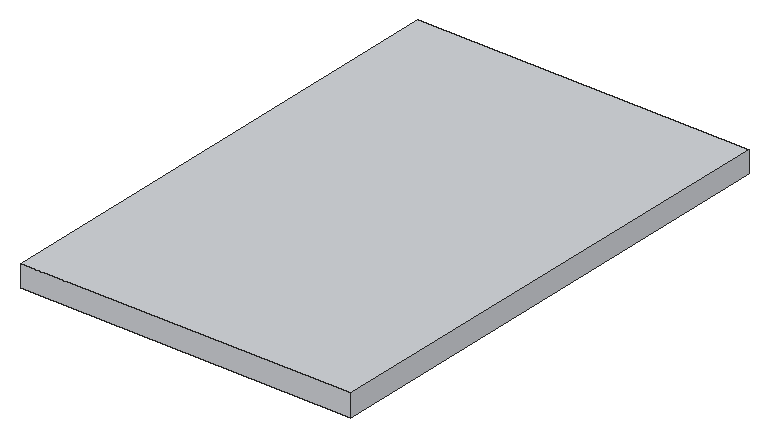
Revit family "CIRQUA-LI 1X xxx SF", category Oprawy oświetleniowe, Revit 2019
Family settings
  Obiekt nadrzędny = Powierzchnia
  Wymiar okrągłego złącza = Użyj średnicy
  Typ części = Normalny
  Numer OmniClass = 23.80.70.11
  Tytuł OmniClass = Luminaries for Internal Lighting
  Tnij formami wycięć po wczytaniu = Nie
  Źródło światła = Tak
  Współdzielony = Nie
  Punkt obliczania pomieszczeń = Nie
Parameters (values of type "CIRQUA-LI 1X2600-930 SF")
  width = 100 mm  # constant formula
  weight = "1 kg"  # constant formula
  voltage type (AC, DC, UC) = "AC"
  rated input power = 26  # constant formula
  product name = "CIRQUA-LI 1X2600-930 SF"
  nominal voltage = "230"
  nominal frequency = "50-60Hz"
  length = 231 mm  # constant formula
  ingress protection (IP) code = "IP20"
  height = 160 mm  # constant formula
  electrical safety class = "1"
  control gear = ""
  conformity mark = "CE"  # constant formula
  brand = "RIDI"
  approval mark = ""
  built-in parameter 1150104 = 13.8 (stored number, unit not read)
  Wattage = 16.8976 W
  Emituj ze średnicy okręgu = 76 mm  # constant formula
  Default Elevation = 0 mm
  built-in parameter 1150113 = 1 (stored number, unit not read)
  built-in parameter 1114218 = 1 (stored number, unit not read)
  URL = "www.ridi.de"
  built-in parameter 1150134 = (empty or 0)
  built-in parameter 1150109 = 1 (stored number, unit not read)
  built-in parameter 1150110 = 1 (stored number, unit not read)
  Apparent Load = 26 VA  # constant formula
  Tilt Angle = 90.00°
  Model = "0321997AH"
  built-in parameter 1114217 = 1 (stored number, unit not read)
  built-in parameter 1150139 = (empty or 0)
  built-in parameter 1150105 = 3448 (stored number, unit not read)
  built-in parameter 1150114 = 1 (stored number, unit not read)
  Lumens = 2510 lm
  built-in parameter 1150115 = 1 (stored number, unit not read)
  built-in parameter 1150112 = 1 (stored number, unit not read)
  Lampa = "LED"
  Producent = "RIDI Leuchten GmbH"  # constant formula
  Dimming Lamp Color Temperature Shift = (empty or 0)
  Color Filter = 16777215
  built-in parameter 1150133 = 10 (stored number, unit not read)
  Emit Shape Visible in Rendering = no
  built-in parameter 1150137 = (empty or 0)
  built-in parameter 1150132 = 2
  Plik sieci fotometrycznej = "CIRQUA-L 1x3200-840 SF.IES"
  Copyright = "© RIDI. All rights reserved."  # constant formula
  built-in parameter 1150106 = 34.48 (stored number, unit not read)
  Kod zespołu = "D5020200"
  built-in parameter 1150107 = 3000 (stored number, unit not read)
  built-in parameter 1150102 = (empty or 0)
  built-in parameter 1150138 = (empty or 0)
Types (4, lengths in mm): name | product name | Wattage | built-in parameter 1150134 | Model | built-in parameter 1150105 | Lumens | built-in parameter 1150106 | built-in parameter 1150107
  (no name) | "CIRQUA-LI 1X2600-930 SF" | 16.8976 W | (empty or 0) | "0321997AH" | 3448 (stored number, unit not read) | 2510 lm | 34.48 (stored number, unit not read) | 3000 (stored number, unit not read)
  CIRQUA-LI 1X3000-830 SF | "CIRQUA-LI 1X3000-830 SF" | 20.7349 W | (empty or 0) | "0321993AH" | 245.1 (stored number, unit not read) | 3080 lm | 2.451 (stored number, unit not read) | 3000 (stored number, unit not read)
  CIRQUA-LI 1X3200-840 SF | "CIRQUA-LI 1X3200-840 SF" | 22.014 W | 12 | "0321989AH" | 260.22 (stored number, unit not read) | 3270 lm | 2.6022 (stored number, unit not read) | 4000 (stored number, unit not read)
  CIRQUA-LI 1X2600-930 SF | "CIRQUA-LI 1X2600-930 SF" | 16.8976 W | (empty or 0) | "0321997AH" | 3448 (stored number, unit not read) | 2510 lm | 34.48 (stored number, unit not read) | 3000 (stored number, unit not read)
Reference planes
  plane 1 "Mitte (Vorne/hinten)": y = 0
  plane 2: z = 24.176
  plane 3 "Mitte (Links/rechts)": x = 22
  plane 4: z = 0
Forms (mm)
  Extrusion 1, solid
    sketch origin (219.2, 280.8, 0) x (1, 0, 0) y (0, 1, 0)
      loop
        line (-1219.2, 1219.2) -> (-1219.2, -1780.8) -> (780.8, -1780.8) -> (780.8, 1219.2) -> (-1219.2, 1219.2)
    from 24.176 to -107.307
Dimensions and locks
  aligned and locked: plane 2 to Extrusion 1
Connectors
  electrical at (22.05, -6.85, -4.224), driven by "Apparent Load"
    settings: on import instance, index 1, voltage 230 V, apparent load 0 VA, apparent load phase1 26 VA, apparent load phase2 0 VA, apparent load phase3 0 VA, power factor 1, load classification "Lighting", number of poles 1, system type 31, power factor state 1, is connector primary yes, connector utility no, sub classification motor no, connector description ""
